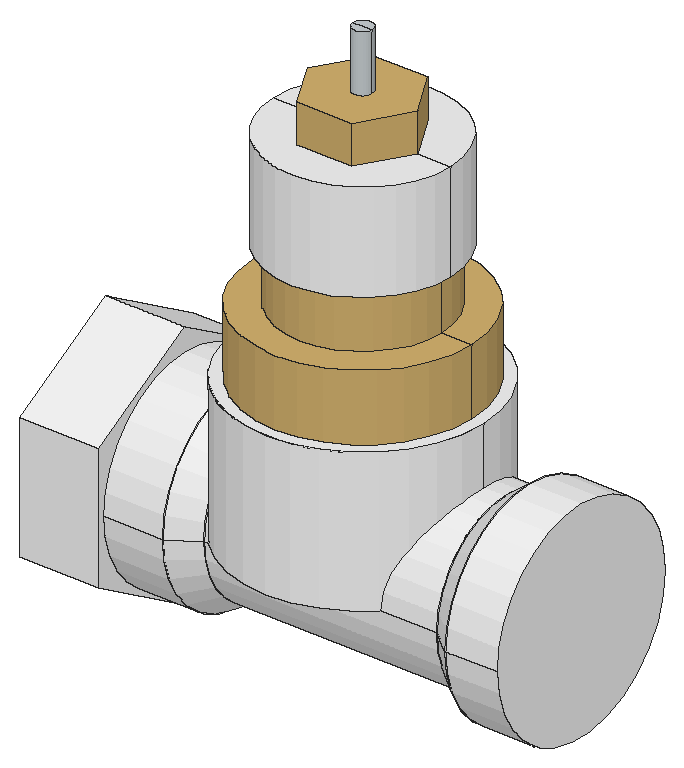
Revit family "RA-N(PURE)_Straight_DN10-20_S_RFA", category Pipe Accessories, Revit 2019
Family settings
  Round Connector Dimension = Use Diameter
  Part Type = Valve - Breaks Into
  OmniClass Number = 23.65.55.14.17
  OmniClass Title = Adjusting/Controlling Valves for Liquid Services
  Work Plane-Based = No
  Always vertical = Yes
  Cut with Voids When Loaded = No
  Shared = No
Parameters (values of type "RA-N PURE_Straight_DN10_Internal_S_015G0072")
  Special tailpiece = if(RV5 = 8.00 mm, 1 = 1, 1 = 0)  # no
  LL = 75.00 mm
  W1 = 12.75 mm
  W [instance] = 25.50 mm
  Tailpiece_350 = if(and(Tailpiece, LOD 350), 1 = 1, 1 = 0)  # no
  Tailpiece_200 = if(and(Tailpiece, LOD 200), 1 = 1, 1 = 0)  # no
  Tailpiece = if(RV6 > 1.00 mm, 1 = 1, 1 = 0)  # no
  Weight = 0.14 kg
  Without tailpiece = not(Tailpiece)  # yes
  Setting Range = "1-7,N"  # constant formula
  SL = L1 + L2  # 50.00 mm
  R_200_1 = 13.11 mm
  R_200 = 13.11 mm
  RV6 = 0.50 mm
  RV4 = 11.00 mm
  RV3 = 11.00 mm
  RV2 = 10.80 mm
  Pressure Drop [instance] = 0.0 bar
  Model Type = "RA-N PURE_Straight_DN10_Internal_S"
  Model = "015G0072,015G4022"
  Max Operating Pressure = "10 bar"  # constant formula
  Max Medium Temperature = "120 ˚C"  # constant formula
  Max Differential Pressure = "0.6 bar"  # constant formula
  length = 50.00 mm
  L4 = 5.50 mm
  Valve Body Material = Danfoss Brass (Nickel plated)
  RV5 = 8.30 mm
  LOD 350 = not(LOD 200)  # yes
  LOD 200 = no
  L7 = 15.00 mm
  L6 = 9.50 mm
  L5 = 2.91 mm
  L [instance] = 50.00 mm
  Kvs = 0.65 m³/h
  IfcExportType = "RA-N PURE"
  IfcExportAs = "IfcValveType"  # constant formula
  HT = HT1 + 33.00 mm  # 48.00 mm
  HT1 = if(D = 20.00 mm, 20.00 mm, 15.00 mm)  # 15.00 mm
  L3 = 8.30 mm
  URL = "https://store.danfoss.com/se/en/Climate-Solutions-for-heating/Radiator-Thermostats/Radiator-Valves/Build-on-valves/Presetting-valves/c/13866?q=%3Arelevance%3Adanfoss_producttypehierarchydesc%3ARA-N+PURE%3Adanfoss_a223339155%3AA223_3391558c5e50fab3748e9c53a6863b3dce1401%3Adanfoss_a2824460767%3AA2824_4607675dbc98dcc983a70728bd082d1a47546e%3Adanfoss_a50461501115_fts%3AA5046_150111582a2288245d249094b5396089516c12e&text="
  Manufacturer = "Danfoss"  # constant formula
  L2 = 23.00 mm
  L1 = 27.00 mm
  HB = 13.11 mm
  H [instance] = 61.11 mm
  Flow [instance] = 0.0 m³/h
  Description = "Thermostatic Radiator Valve"  # constant formula
  SD = R_200_1 * 2  # 26.22 mm
  DV1_1 = 18.00 mm
  DR = 10.00 mm
  DB1 = 25.50 mm
  DV1 = 18.00 mm
  L_nut thread2 = 12.85 mm
  L_nut thread1 = 11.35 mm
  D = 10.00 mm
  Connection = "Internal thread"  # constant formula
Types (10, lengths in mm): name | Special tailpiece | LL | W1 | W | Tailpiece_350 | Tailpiece | Weight | Without tailpiece | SL | R_200_1 | R_200 | RV6 | RV4 | RV3 | RV2 | Model Type | Model | length | L4 | RV5 | L7 | L6 | L5 | L | Kvs | IfcExportType | HT | HT1 | L3 | URL | L2 | L1 | HB | H | SD | DV1_1 | DR | DB1 | DV1 | L_nut thread2 | L_nut thread1 | D
  RA-N_Straight_DN10_Internal_Tailpiece_S_013G0052 | no | 75.00 | 12.85 | 25.70 | yes | yes | 0.21 kg | no | 57.00 | 14.84 | 13.11 | 5.00 | 10.00 | 10.00 | 10.80 | "RA-N_Straight_DN10_Internal_Tailpiece_S" | "013G0052" | 75.00 | 13.50 | 8.30 | 15.00 | 9.50 | 4.00 | 75.00 | 0.65 m³/h | "RA-N" | 48.00 | 15.00 | 8.30 | "https://store.danfoss.com/en/Climate-Solutions-for-heating/Radiator-Thermostats/Radiator-Valves/Build-on-valves/Presetting-valves/c/13866?q=%3Arelevance%3Adanfoss_producttypehierarchydesc%3ARA-N%3Adanfoss_a2824460767%3AA2824_4607675dbc98dcc983a70728bd082d1a47546e%3Adanfoss_a223339155%3AA223_3391558c5e50fab3748e9c53a6863b3dce1401%3Adanfoss_a50461501115_fts%3AA5046_150111582a2288245d249094b5396089516c12e&text=" | 30.00 | 27.00 | 14.84 | 62.84 | 29.68 | 18.00 | 10.00 | 25.50 | 18.00 | 12.85 | 11.35 | 10.00
  RA-N_Straight_DN15_Internal_Tailpiece_S_013G0054 | no | 87.30 | 15.00 | 30.00 | yes | yes | 0.25 kg | no | 65.30 | 17.32 | 15.42 | 5.00 | 13.00 | 12.00 | 12.50 | "RA-N_Straight_DN15_Internal_Tailpiece_S" | "013G0054" | 87.30 | 15.00 | 10.50 | 16.00 | 14.00 | 4.00 | 87.30 | 0.9 m³/h | "RA-N" | 48.00 | 15.00 | 9.00 | "https://store.danfoss.com/en/Climate-Solutions-for-heating/Radiator-Thermostats/Radiator-Valves/Build-on-valves/Presetting-valves/c/13866?q=%3Arelevance%3Adanfoss_producttypehierarchydesc%3ARA-N%3Adanfoss_a2824460767%3AA2824_4607675dbc98dcc983a70728bd082d1a47546e%3Adanfoss_a223339155%3AA223_3391558c5e50fab3748e9c53a6863b3dce1401%3Adanfoss_a50461501115_fts%3AA5046_150111582a2288245d249094b5396089516c12e&text=" | 33.30 | 32.00 | 17.32 | 65.32 | 34.64 | 21.00 | 15.00 | 25.50 | 21.00 | 15.00 | 13.35 | 15.00
  RA-N_Straight_DN20_Internal_Tailpiece_S_013G0056 | no | 101.80 | 19.00 | 38.00 | yes | yes | 0.43 kg | no | 76.30 | 21.939 | 19.46 | 5.00 | 17.00 | 15.80 | 15.60 | "RA-N_Straight_DN20_Internal_Tailpiece_S" | "013G0056" | 101.80 | 17.00 | 13.30 | 18.00 | 17.50 | 4.00 | 101.80 | 1.4 m³/h | "RA-N" | 53.00 | 20.00 | 10.20 | "https://store.danfoss.com/en/Climate-Solutions-for-heating/Radiator-Thermostats/Radiator-Valves/Build-on-valves/Presetting-valves/c/13866?q=%3Arelevance%3Adanfoss_producttypehierarchydesc%3ARA-N%3Adanfoss_a2824460767%3AA2824_4607675dbc98dcc983a70728bd082d1a47546e%3Adanfoss_a223339155%3AA223_3391558c5e50fab3748e9c53a6863b3dce1401%3Adanfoss_a50461501115_fts%3AA5046_150111582a2288245d249094b5396089516c12e&text=" | 39.30 | 37.00 | 21.94 | 74.94 | 43.879 | 25.00 | 20.00 | 29.00 | 25.00 | 19.00 | 16.85 | 20.00
  RA-N_Straight_DN10_Internal_S_013G0072 | no | 75.00 | 12.75 | 25.50 | no | no | 0.16 kg | yes | 50.00 | 13.11 | 13.11 | 0.50 | 11.00 | 11.00 | 10.80 | "RA-N_Straight_DN10_Internal_S" | "013G0072,013G4022" | 50.00 | 5.50 | 8.30 | 15.00 | 9.50 | 2.91 | 50.00 | 0.65 m³/h | "RA-N" | 48.00 | 15.00 | 8.30 | "https://store.danfoss.com/en/Climate-Solutions-for-heating/Radiator-Thermostats/Radiator-Valves/Build-on-valves/Presetting-valves/c/13866?q=%3Arelevance%3Adanfoss_producttypehierarchydesc%3ARA-N%3Adanfoss_a2824460767%3AA2824_4607675dbc98dcc983a70728bd082d1a47546e%3Adanfoss_a223339155%3AA223_3391558c5e50fab3748e9c53a6863b3dce1401%3Adanfoss_a50461501115_fts%3AA5046_150111582a2288245d249094b5396089516c12e&text=" | 23.00 | 27.00 | 13.11 | 61.11 | 26.22 | 18.00 | 10.00 | 25.50 | 18.00 | 12.85 | 11.35 | 10.00
  RA-N_Straight_DN15_Internal_S_013G0074 | no | 87.30 | 13.35 | 26.70 | no | no | 0.18 kg | yes | 58.00 | 15.42 | 15.42 | 0.50 | 13.00 | 13.00 | 12.50 | "RA-N_Straight_DN15_Internal_S" | "013G0074" | 58.00 | 6.50 | 10.50 | 16.00 | 14.00 | 4.00 | 58.00 | 0.9 m³/h | "RA-N" | 48.00 | 15.00 | 9.00 | "https://store.danfoss.com/en/Climate-Solutions-for-heating/Radiator-Thermostats/Radiator-Valves/Build-on-valves/Presetting-valves/c/13866?q=%3Arelevance%3Adanfoss_producttypehierarchydesc%3ARA-N%3Adanfoss_a2824460767%3AA2824_4607675dbc98dcc983a70728bd082d1a47546e%3Adanfoss_a223339155%3AA223_3391558c5e50fab3748e9c53a6863b3dce1401%3Adanfoss_a50461501115_fts%3AA5046_150111582a2288245d249094b5396089516c12e&text=" | 26.00 | 32.00 | 15.42 | 63.42 | 30.84 | 21.00 | 15.00 | 25.50 | 21.00 | 15.00 | 13.35 | 15.00
  RA-N_Straight_DN20_Internal_S_013G0076 | no | 101.80 | 16.85 | 33.70 | no | no | 0.28 kg | yes | 68.00 | 19.46 | 19.46 | 0.50 | 17.00 | 17.00 | 15.60 | "RA-N_Straight_DN20_Internal_S" | "013G0076" | 68.00 | 7.50 | 13.30 | 19.00 | 17.50 | 4.00 | 68.00 | 1.4 m³/h | "RA-N" | 53.00 | 20.00 | 10.20 | "https://store.danfoss.com/en/Climate-Solutions-for-heating/Radiator-Thermostats/Radiator-Valves/Build-on-valves/Presetting-valves/c/13866?q=%3Arelevance%3Adanfoss_producttypehierarchydesc%3ARA-N%3Adanfoss_a2824460767%3AA2824_4607675dbc98dcc983a70728bd082d1a47546e%3Adanfoss_a223339155%3AA223_3391558c5e50fab3748e9c53a6863b3dce1401%3Adanfoss_a50461501115_fts%3AA5046_150111582a2288245d249094b5396089516c12e&text=" | 31.00 | 37.00 | 19.46 | 72.46 | 38.92 | 25.00 | 20.00 | 29.00 | 25.00 | 19.00 | 16.85 | 20.00
  RA-N PURE_Straight_DN10_Internal_S_015G0072 | no | 75.00 | 12.75 | 25.50 | no | no | 0.14 kg | yes | 50.00 | 13.11 | 13.11 | 0.50 | 11.00 | 11.00 | 10.80 | "RA-N PURE_Straight_DN10_Internal_S" | "015G0072,015G4022" | 50.00 | 5.50 | 8.30 | 15.00 | 9.50 | 2.91 | 50.00 | 0.65 m³/h | "RA-N PURE" | 48.00 | 15.00 | 8.30 | "https://store.danfoss.com/se/en/Climate-Solutions-for-heating/Radiator-Thermostats/Radiator-Valves/Build-on-valves/Presetting-valves/c/13866?q=%3Arelevance%3Adanfoss_producttypehierarchydesc%3ARA-N+PURE%3Adanfoss_a223339155%3AA223_3391558c5e50fab3748e9c53a6863b3dce1401%3Adanfoss_a2824460767%3AA2824_4607675dbc98dcc983a70728bd082d1a47546e%3Adanfoss_a50461501115_fts%3AA5046_150111582a2288245d249094b5396089516c12e&text=" | 23.00 | 27.00 | 13.11 | 61.11 | 26.22 | 18.00 | 10.00 | 25.50 | 18.00 | 12.85 | 11.35 | 10.00
  RA-N PURE_Straight_DN15_Internal_S_015G0074 | no | 87.30 | 13.35 | 26.70 | no | no | 0.17 kg | yes | 58.00 | 15.42 | 15.42 | 0.50 | 13.00 | 13.00 | 12.50 | "RA-N PURE_Straight_DN15_Internal_S" | "015G0074" | 58.00 | 6.50 | 10.50 | 16.00 | 14.00 | 4.00 | 58.00 | 0.9 m³/h | "RA-N PURE" | 48.00 | 15.00 | 9.00 | "https://store.danfoss.com/se/en/Climate-Solutions-for-heating/Radiator-Thermostats/Radiator-Valves/Build-on-valves/Presetting-valves/c/13866?q=%3Arelevance%3Adanfoss_producttypehierarchydesc%3ARA-N+PURE%3Adanfoss_a223339155%3AA223_3391558c5e50fab3748e9c53a6863b3dce1401%3Adanfoss_a2824460767%3AA2824_4607675dbc98dcc983a70728bd082d1a47546e%3Adanfoss_a50461501115_fts%3AA5046_150111582a2288245d249094b5396089516c12e&text=" | 26.00 | 32.00 | 15.42 | 63.42 | 30.84 | 21.00 | 15.00 | 25.50 | 21.00 | 15.00 | 13.35 | 15.00
  RA-N PURE_Straight_DN20_Internal_S_015G0076 | no | 101.80 | 16.85 | 33.70 | no | no | 0.26 kg | yes | 68.00 | 19.46 | 19.46 | 0.50 | 17.00 | 17.00 | 15.60 | "RA-N PURE_Straight_DN20_Internal_S" | "015G0076" | 68.00 | 7.50 | 13.30 | 19.00 | 17.50 | 4.00 | 68.00 | 1.4 m³/h | "RA-N PURE" | 53.00 | 20.00 | 10.20 | "https://store.danfoss.com/se/en/Climate-Solutions-for-heating/Radiator-Thermostats/Radiator-Valves/Build-on-valves/Presetting-valves/c/13866?q=%3Arelevance%3Adanfoss_producttypehierarchydesc%3ARA-N+PURE%3Adanfoss_a223339155%3AA223_3391558c5e50fab3748e9c53a6863b3dce1401%3Adanfoss_a2824460767%3AA2824_4607675dbc98dcc983a70728bd082d1a47546e%3Adanfoss_a50461501115_fts%3AA5046_150111582a2288245d249094b5396089516c12e&text=" | 31.00 | 37.00 | 19.46 | 72.46 | 38.92 | 25.00 | 20.00 | 29.00 | 25.00 | 19.00 | 16.85 | 20.00
  RA-N_Straight_DN10/15_Internal_Tailpiece_S_013G3322 | yes | 64.20 | 13.00 | 26.00 | yes | yes | 0.21 kg | no | 51.00 | 15.01 | 13.11 | 5.00 | 10.00 | 13.00 | 10.80 | "RA-N_Straight_DN10/15_Internal_Tailpiece_S" | "013G3322" | 76.20 | 7.40 | 8.00 | 15.08 | 9.50 | 4.00 | 76.20 | 0.65 m³/h | "RA-N" | 48.00 | 15.00 | 8.30 | "https://store.danfoss.com/en/Climate-Solutions-for-heating/Radiator-Thermostats/Radiator-Valves/Build-on-valves/Presetting-valves/c/13866?q=%3Arelevance%3Adanfoss_producttypehierarchydesc%3ARA-N%3Adanfoss_a2824460767%3AA2824_4607675dbc98dcc983a70728bd082d1a47546e%3Adanfoss_a223339155%3AA223_3391558c5e50fab3748e9c53a6863b3dce1401%3Adanfoss_a50461501115_fts%3AA5046_150111582a2288245d249094b5396089516c12e&text=" | 24.00 | 27.00 | 15.01 | 63.01 | 30.02 | 26.00 | 15.00 | 25.50 | 18.00 | 13.00 | 11.35 | 10.00
Reference planes
  plane 1 "Center (Front/Back)": y = 0
  plane 2 "XYPLANE": z = 6
  plane 3 "Center (Left/Right)": x = 0
  plane 4 "63": x = 0
  plane 5 "62": x = -27
  plane 6 "61": x = 23
  plane 7 "60": y = 0
  plane 8 "59": z = 0
  plane 9 "Y2": x = -18.7
  plane 10: z = 48
  plane 11: x = 48
  plane 12: x = 17.5
  plane 13: z = 15
  plane 14: x = 15
  plane 15: x = -9.5
  plane 16: x = -12.41
  plane 17 "LL": x = 23
  plane 18: z = -13.11
  plane 19: y = 12.75
  plane 20: y = -12.75
Forms (mm)
  Extrusion 1, solid, material "Danfoss Brass (Nickel plated)" <- "Valve Body Material", visible <- "LOD 350", detail levels fine
    sketch origin (-15, 0, 0) x (0, 0, 1) y (0, -1, 0)
      loop
        circle (0, 0) r 9
    from 5.5 to 30
  Extrusion 2, solid, material "Danfoss Brass (Nickel plated)" <- "Valve Body Material", visible <- "Tailpiece_350", detail levels fine
    sketch origin (23, -750, 0) x (0, 1, 0) y (0, 0, 1)
      loop
        line (750, 14.838) -> (737.15, 7.419) -> (737.15, -7.419) -> (750, -14.838) -> (762.85, -7.419) -> (762.85, 7.419) -> (750, 14.838)
    from 0 to -5.5
  Extrusion 3, solid, material "Danfoss Brass (Nickel plated)" <- "Valve Body Material", visible <- "LOD 350", detail levels fine
    sketch origin (-27, -750, 0) x (0, 1, 0) y (0, 0, 1)
      loop
        line (750, 13.106) -> (738.65, 6.553) -> (738.65, -6.553) -> (750, -13.106) -> (761.35, -6.553) -> (761.35, 6.553) -> (750, 13.106)
    from 0 to 8.3 <- "L3"
  Extrusion 4, solid, material "Danfoss Brass (Nickel plated)" <- "Valve Body Material", visible <- "LOD 350", detail levels fine
    sketch origin (23, -750, 0) x (0, 1, 0) y (0, 0, 1)
      loop
        circle (750, 0) r 10.8
    from -41.7 to -35.41
  Extrusion 5, solid, material "Danfoss Brass (Nickel plated)" <- "Valve Body Material", visible <- "LOD 200", detail levels fine
    sketch origin (23, -750, 0) x (0, 1, 0) y (0, 0, 1)
      loop
        circle (750, 0) r 9
    from -41.7 to -5.5
  Extrusion 6, solid, material "Danfoss Brass (Nickel plated)" <- "Valve Body Material", visible <- "Tailpiece", detail levels fine
    sketch origin (0, 0, 0) x (0, 1, 0) y (0, 0, 1)
      loop
        circle (0, 0) r 8.3
    from 23 to 48
  Extrusion 7, solid, material "Danfoss Brass (Nickel plated)" <- "Valve Body Material", detail levels fine
    sketch origin (0, 0, 0) x (1, 0, 0) y (0, 1, 0)
      loop
        circle (0, 0) r 12.75
    from 0 to 15
  Blend 8, solid, material "Danfoss Brass (Nickel plated)" <- "Valve Body Material", visible <- "LOD 350", detail levels fine
    base sketch origin (0, 0, 0) x (0, 1, 0) y (0, 0, 1)
      loop
        circle (0, 0) r 10.8
    top sketch origin (0, 0, 0) x (0, 1, 0) y (0, 0, 1)
      loop
        circle (0, 0) r 9
    from -12.41 to -9.5
  Blend 9, solid, material "Danfoss Brass (Nickel plated)" <- "Valve Body Material", visible <- "LOD 350", detail levels fine
    base sketch origin (0, 0, 0) x (0, 1, 0) y (0, 0, -1)
      loop
        circle (0, 0) r 11
    top sketch origin (0, 0, 0) x (0, 1, 0) y (0, 0, -1)
      loop
        circle (0, 0) r 9
    from -17.5 to -15
  Extrusion 10, solid, material "Danfoss Brass (Nickel plated)" <- "Valve Body Material", visible <- "Without tailpiece", detail levels fine
    sketch origin (-23, -750, 0) x (0, 1, 0) y (0, 0, -1)
      loop
        circle (750, 0) r 11
    from -46 to -40.5
  Extrusion 11, solid, material "Danfoss Brass (Nickel plated)" <- "Valve Body Material", visible <- "LOD 200", detail levels fine
    sketch origin (-27, -750, 0) x (0, 1, 0) y (0, 0, 1)
      loop
        circle (750, 0) r 13.11
    from 0 to 8.3
  Extrusion 12, solid, material "Danfoss Brass (Nickel plated)" <- "Valve Body Material", visible <- "Tailpiece_200", detail levels fine
    sketch origin (-27, -750, 0) x (0, 1, 0) y (0, 0, 1)
      loop
        circle (750, 0) r 13.11
    from 44.5 to 50
  Revolve 13, solid, material "Danfoss Brass (Nickel plated)" <- "Valve Body Material", visible <- "Special tailpiece", detail levels fine
    sketch origin (0, 0, 0) x (1, 0, 0) y (0, 0, 1)
      loop
        line (24, 0) -> (30.5, 0) -> (30.5, 11.624) -> (24, 13.006) -> (24, 0)
      loop
        line (49.2, 0) -> (49.2, 10.5) -> (37.2, 10.5) -> (37.2, 0) -> (49.2, 0)
      axis (24, 0) -> (49.2, 0)
    angle from 0 to 360
Lines and regions (mm)
  reference lines, not visible
    curve 1: circle (2, 2, 0) r 1 normal (0, 0, 1)
  reference lines, visible <- "LOD 350"
    curve 2: line (23, 0, 0) -> (23, 5.846, -3.375)
    curve 3: line (23, 0, 0) -> (23, 0, -6.75)
    curve 4: line (23, 0, 0) -> (23, -5.846, -3.375)
    curve 5: line (-27, 0, 0) -> (-27, -4.98, -2.875)
    curve 6: line (-27, 0, 0) -> (-27, 0, -5.75)
    curve 7: line (-27, 0, 0) -> (-27, 4.98, -2.875)
Dimensions and locks
  plane 1 "Center (Front/Back)" to curve 1 = 2.00 mm
  locked: plane 3 "Center (Left/Right)" to plane 4 "63"
  "L1": plane 3 "Center (Left/Right)" to plane 5 "62"
  "L2": plane 3 "Center (Left/Right)" to plane 6 "61"
  locked: plane 1 "Center (Front/Back)" to plane 7 "60"
  plane 8 "59" to plane 2 "XYPLANE" = 6.00 mm
  "L_nut thread2": curve 2 to Extrusion 2 sketch curve  (x2)
  "L_nut thread2": curve 3 to Extrusion 2 sketch curve  (x2)
  "L_nut thread2": curve 4 to Extrusion 2 sketch curve  (x2)
  "L_nut thread1": curve 5 to Extrusion 3 sketch curve  (x2)
  "L_nut thread1": curve 6 to Extrusion 3 sketch curve  (x2)
  "L_nut thread1": curve 7 to Extrusion 3 sketch curve  (x2)
  "HT": plane 10 to level
  "L3": plane 5 "62" to plane 9 "Y2"
  "L4": plane 12 to plane 6 "61"
  "HT1": plane 13 to level
  "L6": plane 3 "Center (Left/Right)" to plane 15
  "L7": plane 14 to plane 3 "Center (Left/Right)"
  "L5": plane 15 to plane 16
  "LL": plane 5 "62" to plane 11
  plane 6 "61" to plane 5 "62" = 50.00 mm
  plane 11 to plane 5 "62" = 75.00 mm
  plane 10 to plane 13 = 33.00 mm
  "length": plane 5 "62" to plane 17 "LL"
  "L": plane 5 "62" to plane 17 "LL"
  "HB": level to plane 18
  "H": plane 10 to plane 18
  "W1": plane 1 "Center (Front/Back)" to plane 19
  "W1": plane 20 to plane 1 "Center (Front/Back)"
  "W": plane 19 to plane 20
  Extrusion 3 to Extrusion 3 = 22.70 mm
  level to Extrusion 3 = 13.106 mm
  Extrusion 2 to Extrusion 2 = 25.70 mm
  level to Extrusion 2 = 14.838 mm
  Revolve 13 sketch curve to level = 10.50 mm
  Revolve 13 sketch curve to level = 13.006 mm
  Revolve 13 sketch curve to level = 11.624 mm
  Revolve 13 sketch curve to plane 3 "Center (Left/Right)" = 24.00 mm
  Revolve 13 sketch curve to plane 3 "Center (Left/Right)" = 37.20 mm
  Revolve 13 sketch curve to Revolve 13 sketch curve = 6.50 mm
  Revolve 13 sketch curve to Revolve 13 sketch curve = 12.00 mm
  "DV1": diameter of Extrusion 1 sketch curve
  "RV2": radius of Extrusion 4 sketch curve
  "DV1": diameter of Extrusion 5 sketch curve
  "RV5": radius of Extrusion 6 sketch curve
  "DB1": diameter of Extrusion 7 sketch curve
  "RV2": radius of Blend 8 sketch curve
  "DV1": diameter of Blend 8 sketch curve
  "RV3": radius of Blend 9 sketch curve
  "DV1_1": diameter of Blend 9 sketch curve
  "RV4": radius of Extrusion 10 sketch curve
  "R_200": radius of Extrusion 11 sketch curve
  "R_200_1": radius of Extrusion 12 sketch curve
  locked: curve 3 to curve 2 (angle 60.00°)
  locked: curve 4 to curve 3 (angle 60.00°)
  locked: curve 4 to curve 2 (angle 120.00°)
  locked: curve 6 to curve 5 (angle 60.00°)
  locked: curve 7 to curve 6 (angle 60.00°)
  locked: curve 7 to curve 5 (angle 120.00°)
  aligned and locked: Extrusion 1 sketch curve to plane 7 "60"
  aligned and locked: curve 4 to plane 7 "60"
  aligned and locked: plane 8 "59" to curve 4
  aligned and locked: curve 7 to plane 7 "60"
  aligned and locked: plane 8 "59" to curve 7
  aligned and locked: plane 1 "Center (Front/Back)" to Extrusion 4 sketch curve
  aligned and locked: level to Extrusion 4 sketch curve
  aligned and locked: plane 1 "Center (Front/Back)" to Extrusion 5 sketch curve
  aligned and locked: level to Extrusion 5 sketch curve
  aligned and locked: nested 1 to plane 7 "60"
  aligned and locked: plane 9 "Y2" to Extrusion 3
  aligned and locked: plane 1 "Center (Front/Back)" to Extrusion 6 sketch curve
  aligned and locked: level to Extrusion 6 sketch curve
  aligned and locked: Extrusion 2 to plane 12
  aligned and locked: plane 4 "63" to Extrusion 7 sketch curve
  aligned and locked: plane 7 "60" to Extrusion 7 sketch curve
  aligned and locked: plane 13 to Extrusion 7
  aligned and locked: Extrusion 6 to plane 6 "61"
  aligned and locked: Extrusion 6 to plane 11
  aligned and locked: Extrusion 1 to plane 15
  aligned and locked: plane 14 to Extrusion 1
  aligned and locked: Extrusion 4 to plane 9 "Y2"
  aligned and locked: plane 16 to Extrusion 4
  aligned and locked: plane 1 "Center (Front/Back)" to Blend 8 sketch curve  (x2)
  aligned and locked: level to Blend 8 sketch curve  (x2)
  aligned and locked: Blend 8 to plane 16
  aligned and locked: plane 15 to Blend 8
  aligned and locked: plane 14 to Blend 9
  aligned and locked: plane 12 to Blend 9
  aligned and locked: plane 1 "Center (Front/Back)" to Blend 9 sketch curve  (x2)
  aligned and locked: level to Blend 9 sketch curve  (x2)
  aligned and locked: Extrusion 10 to plane 6 "61"
  aligned and locked: Extrusion 10 to plane 12
  aligned and locked: Extrusion 5 to plane 9 "Y2"
  aligned and locked: plane 12 to Extrusion 5
  aligned and locked: plane 1 "Center (Front/Back)" to Extrusion 11 sketch curve
  aligned and locked: level to Extrusion 11 sketch curve
  aligned and locked: Extrusion 11 to Extrusion 3
  aligned and locked: Extrusion 11 to plane 5 "62"
  aligned and locked: level to Extrusion 12 sketch curve
  aligned and locked: plane 1 "Center (Front/Back)" to Extrusion 12 sketch curve
  aligned and locked: Extrusion 2 to Extrusion 12
  aligned and locked: Extrusion 12 to plane 6 "61"
  aligned and locked: nested 1 to plane 5 "62"
  aligned and locked: plane 7 "60" to nested 1
  aligned and locked: plane 3 "Center (Left/Right)" to nested 2
  aligned and locked: plane 13 to nested 2
  aligned and locked: plane 1 "Center (Front/Back)" to nested 2
  aligned and locked: plane 10 to nested 1
  aligned and locked: Revolve 13 sketch curve to level  (x3)
Automatic sketch dimensions
  plane 3 "Center (Left/Right)" to curve 1 = 2.00 mm
  Revolve 13 sketch curve to plane 5 "62" = 1324.99 mm
  plane 11 to Revolve 13 sketch curve = 1825.783 mm
  Extrusion 1 sketch curve to level = 0.00 mm
  Extrusion 6 sketch curve to level = 0.00 mm
  Extrusion 10 sketch curve to level = 0.00 mm
  Extrusion 10 sketch curve to plane 1 "Center (Front/Back)" = 0.00 mm
  radius of curve 1 = 1.00 mm
Nested families
  nested 1: "Schematic_TRV_Straight" at (-2, 0, 0), type "Schematic_TRV_Straight", detail levels coarse+medium
  nested 2: "connection neck" at (0, 0, 15), LOD 200 <- "LOD 200", type "connection", detail levels fine
    with LOD 350 yes, LOD 200 no, DN20(350) no, DN10-15(350) yes
Connectors
  piping at (23, 0, 0), diameter 10, driven by "DR", driven by "Flow"
    settings: on Extrusion 10, index 1, connector inside diameter 609.6 mm, connector length 0.00 mm, flow factor 0, pipe flow 0.0 m³/h, pressure drop 0.0 bar, fitting loss kfactor 0, connector angle 0.00°, fixture units 0, engagement length 0.00 mm, angle of deflection 0.00°, flow configuration 0, flow direction 2, fitting loss method 0, system type 29, joint type 0, gender type 0, connector reference index 2, connector utility 0, adjustable connector no, is connector primary no, connector description ""
  piping at (-27, 0, 0), diameter 10, driven by "D", driven by "Flow"
    settings: on Extrusion 3, index 2, connector inside diameter 609.6 mm, connector length 0.00 mm, flow factor 0, pipe flow 0.0 m³/h, pressure drop 0.0 bar, fitting loss kfactor 0, connector angle 0.00°, fixture units 0, engagement length 0.00 mm, angle of deflection 0.00°, flow configuration 0, flow direction 1, fitting loss method 0, system type 29, joint type 0, gender type 0, connector reference index 1, connector utility 0, adjustable connector no, is connector primary yes, connector description ""
Definition of nested family "connection neck"
  Parameters (values of type "connection")
    Model = ""
    Valve Body Material = none
    LOD 350 [instance] = not(LOD 200)  # yes
    LOD 200 [instance] = no
    IfcExportType = "Connection neck"  # constant formula
    IfcExportAs = "IfcValveType"  # constant formula
    URL = "https://store.danfoss.com/en/Climate-Solutions-for-heating/Radiator-Thermostats/Radiator-Valves/Build-on-valves/Presetting-valves/c/13866?q=%3Arelevance%3Adanfoss_producttypehierarchydesc%3ARA-N&text="
    Manufacturer = "Danfoss"  # constant formula
    HT1 = if(D = 20.00 mm, 12.55 mm, 12.65 mm)  # 12.65 mm
    HT = 33.00 mm  # constant formula
    H [instance] = 33.00 mm
    Description = "Thermostatic Radiator Valve"  # constant formula
    DN20(350) [instance] = and((LOD 350), D = 20.00 mm)  # no
    DN10-15(350) [instance] = and((LOD 350), D < 20.00 mm)  # yes
    D = 15.00 mm
  Reference planes
    plane 1 "Center (Front/Back)": y = 0
    plane 2 "XYPLANE": z = 6
    plane 3 "Center (Left/Right)": x = 0
    plane 4 "67": z = 27.03
    plane 5 "66": z = 7
    plane 6 "63": x = 0
    plane 7 "60": y = 0
    plane 8 "59": z = 0
    plane 9: z = 33
    plane 10: z = 12.65
    plane 11: z = 0
    plane 12 "HT1": z = 12.65
    plane 13: z = 6.1
    plane 14: z = 23.03
  Forms (mm)
    Revolve 1, solid, detail levels fine
      sketch origin (0, 0, 0) x (1, 0, 0) y (0, 0, 1)
        loop
          line (0, 33) -> (0, 27.03) -> (1, 27.03) -> (1, 33) -> (0, 33)
        axis (0, 27.03) -> (0, 33)
      angle from 0 to 360
    Revolve 2, solid, visible <- "DN10-15(350)", detail levels fine
      sketch origin (0, 0, 0) x (1, 0, 0) y (0, 0, 1)
        loop
          line (0, 0) -> (11.5, 0) -> (11.5, 7) -> (8.3, 7) -> (8.3, 12.65) -> (0, 12.65) -> (0, 0)
        axis (0, 12.65) -> (0, 0)
      angle from 0 to 360
    Revolve 3, solid, material <- "Valve Body Material", detail levels fine
      sketch origin (0, 0, 0) x (1, 0, 0) y (0, 0, 1)
        loop
          line (0, 23.03) -> (0, 12.65) -> (9.3, 12.65) -> (9.3, 23.03) -> (0, 23.03)
        axis (0, 12.65) -> (0, 23.03)
      angle from 0 to 360
    Revolve 4, solid, visible <- "LOD 200", detail levels fine
      sketch origin (0, 0, 0) x (1, 0, 0) y (0, 0, 1)
        loop
          line (0, 0) -> (11.5, 0) -> (11.5, 12.65) -> (0, 12.65) -> (0, 0)
        axis (0, 0) -> (0, 12.65)
      angle from 0 to 360
    Extrusion 5, solid, visible <- "LOD 350", detail levels fine
      sketch origin (0, 0, 0) x (1, 0, 0) y (0, 1, 0)
        loop
          line (-2.887, 5) -> (-5.774, 0) -> (-2.887, -5) -> (2.887, -5) -> (5.774, 0) -> (2.887, 5) -> (-2.887, 5)
      from 23.03 to 27.03
    Revolve 6, solid, visible <- "LOD 200", detail levels fine
      sketch origin (0, 0, 0) x (1, 0, 0) y (0, 0, 1)
        loop
          line (0, 27.03) -> (0, 23.03) -> (5.774, 23.03) -> (5.774, 27.03) -> (0, 27.03)
        axis (0, 27.03) -> (0, 23.03)
      angle from 0 to 360
    Revolve 7, solid, visible <- "DN20(350)", detail levels fine
      sketch origin (0, 0, 0) x (1, 0, 0) y (0, 0, 1)
        loop
          line (0, 0) -> (11.5, 0) -> (11.5, 6.1) -> (8.3, 6.1) -> (8.3, 12.65) -> (0, 12.65) -> (0, 0)
        axis (0, 12.65) -> (0, 0)
      angle from 0 to 360
  Lines and regions (mm)
    reference lines, not visible
      curve 1: circle (2, 2, 0) r 1 normal (0, 0, 1)
    reference lines, visible <- "LOD 350"
      curve 2: line (32, 0, 0) -> (32, 5.846, -3.375)
      curve 3: line (32, 0, 0) -> (32, 0, -6.75)
      curve 4: line (32, 0, 0) -> (32, -5.846, -3.375)
      curve 5: line (-29, 0, 0) -> (-29, -4.98, -2.875)
      curve 6: line (-29, 0, 0) -> (-29, 0, -5.75)
      curve 7: line (-29, 0, 0) -> (-29, 4.98, -2.875)
  Dimensions and locks
    plane 1 "Center (Front/Back)" to curve 1 = 2.00 mm
    locked: plane 3 "Center (Left/Right)" to plane 6 "63"
    locked: plane 1 "Center (Front/Back)" to plane 7 "60"
    plane 8 "59" to plane 2 "XYPLANE" = 6.00 mm
    "HT": plane 9 to level
    Revolve 3 sketch curve to Revolve 3 sketch curve = 9.30 mm
    Revolve 2 sketch curve to plane 3 "Center (Left/Right)" = 11.50 mm
    Revolve 2 sketch curve to plane 3 "Center (Left/Right)" = 8.30 mm
    Revolve 4 sketch curve to Revolve 4 sketch curve = 11.50 mm
    Extrusion 5 sketch curve to Extrusion 5 sketch curve = 10.00 mm  (x3)
    equal spacing: Extrusion 5 sketch curve, plane 1 "Center (Front/Back)", Extrusion 5 sketch curve
    equal spacing: Extrusion 5 sketch curve, plane 3 "Center (Left/Right)", Extrusion 5 sketch curve  (x2)
    Revolve 6 sketch curve to Revolve 6 sketch curve = 5.774 mm
    "H": plane 9 to plane 11
    Revolve 1 sketch curve to Revolve 1 sketch curve = 1.00 mm
    locked: level to plane 11
    Revolve 7 sketch curve to plane 3 "Center (Left/Right)" = 8.30 mm
    Revolve 7 sketch curve to plane 3 "Center (Left/Right)" = 11.50 mm
    plane 10 to plane 5 "66" = 5.65 mm
    "HT1": plane 12 "HT1" to level
    locked: plane 13 to level at 6.1
    plane 12 "HT1" to plane 13 = 6.55 mm
    locked: plane 14 to plane 12 "HT1" at 10.38
    locked: plane 4 "67" to plane 14 at 4
    locked: plane 5 "66" to level at 7
    locked: curve 3 to curve 2 (angle 60.00°)
    locked: curve 4 to curve 3 (angle 60.00°)
    locked: curve 4 to curve 2 (angle 120.00°)
    locked: curve 6 to curve 5 (angle 60.00°)
    locked: curve 7 to curve 6 (angle 60.00°)
    locked: curve 7 to curve 5 (angle 120.00°)
    aligned and locked: curve 4 to plane 7 "60"
    aligned and locked: plane 8 "59" to curve 4
    aligned and locked: curve 7 to plane 7 "60"
    aligned and locked: plane 8 "59" to curve 7
    aligned and locked: Revolve 1 sketch curve to plane 6 "63"
    aligned and locked: Revolve 1 sketch curve to plane 9
    aligned and locked: plane 6 "63" to Revolve 1 sketch curve
    aligned and locked: Revolve 2 sketch curve to plane 5 "66"
    aligned and locked: Revolve 2 sketch curve to plane 3 "Center (Left/Right)"
    aligned and locked: Revolve 2 sketch curve to Revolve 2 sketch curve
    aligned and locked: Revolve 3 sketch curve to plane 6 "63"
    aligned and locked: plane 6 "63" to Revolve 3 sketch curve
    aligned and locked: Revolve 4 sketch curve to plane 6 "63"
    aligned and locked: plane 2 "XYPLANE" to Revolve 4 sketch curve
    aligned and locked: plane 6 "63" to Revolve 4 sketch curve
    aligned and locked: Revolve 1 sketch curve to plane 4 "67"
    aligned and locked: plane 4 "67" to Revolve 1 sketch curve
    aligned and locked: Revolve 2 sketch curve to plane 11
    aligned and locked: plane 11 to Revolve 2 sketch curve
    aligned and locked: plane 4 "67" to Extrusion 5
    aligned and locked: plane 10 to Revolve 4
    aligned and locked: Revolve 6 sketch curve to plane 6 "63"  (x2)
    aligned and locked: Revolve 6 sketch curve to plane 4 "67"
    aligned and locked: Revolve 6 sketch curve to Revolve 1
    aligned and locked: Revolve 6 sketch curve to Revolve 6 sketch curve
    aligned and locked: Revolve 7 sketch curve to level
    aligned and locked: Revolve 7 sketch curve to plane 3 "Center (Left/Right)"  (x2)
    aligned and locked: Revolve 4 sketch curve to plane 12 "HT1"
    aligned and locked: Revolve 3 sketch curve to plane 12 "HT1"
    aligned and locked: Revolve 2 sketch curve to plane 12 "HT1"
    aligned and locked: Revolve 7 sketch curve to plane 12 "HT1"
    aligned and locked: Revolve 7 sketch curve to plane 13
    aligned and locked: Revolve 3 sketch curve to plane 14
    aligned and locked: Extrusion 5 to plane 14
  Automatic sketch dimensions
    plane 3 "Center (Left/Right)" to curve 1 = 2.00 mm
    plane 9 to Revolve 1 sketch curve = 0.838 mm
    Revolve 3 sketch curve to plane 3 "Center (Left/Right)" = 0.00 mm
    plane 5 "66" to Revolve 3 sketch curve = 2.50 mm
    Revolve 3 sketch curve to plane 9 = 1.691 mm
    Revolve 4 sketch curve to plane 11 = 0.00 mm
    Revolve 4 sketch curve to plane 9 = 0.30 mm
    plane 1 "Center (Front/Back)" to Extrusion 5 sketch curve = 0.00 mm
    Extrusion 5 sketch curve to Extrusion 5 sketch curve = 2.887 mm
    Revolve 7 sketch curve to Revolve 7 sketch curve = 0.00 mm
    Revolve 7 sketch curve to Revolve 7 sketch curve = 11.48 mm
    Revolve 2 sketch curve to plane 4 "67" = 3.00 mm
    Revolve 6 sketch curve to plane 4 "67" = 4.00 mm
    radius of curve 1 = 1.00 mm
Definition of nested family "Schematic_TRV_Straight"
  Parameters (values of type "Schematic_TRV_Straight")
    L = 74.30 mm
    LT = 4 / 5 * D  # 33.808 mm
    HT = 50.50 mm
    D = 42.26 mm
  Reference planes
    plane 1 "Center (Front/Back)": y = 0
    plane 2: z = 0
    plane 3 "Center (Left/Right)": x = 0
    plane 4: x = 37.15
    plane 5: y = 21.13
    plane 6: y = -21.13
    plane 7: z = 21.13
    plane 8: z = -21.13
    plane 9: z = 50.5
    plane 10: x = -16.904
    plane 11: x = 16.904
    plane 12: x = -37.15
    plane 13: y = 50.5
  Lines and regions (mm)
    model lines
      curve 1: line (0, 0, 0) -> (37.15, 0, 21.13)
      curve 2: line (37.15, 0, 21.13) -> (37.15, 0, -21.13)
      curve 3: line (37.15, 0, -21.13) -> (0, 0, 0)
      curve 4: line (0, 0, 0) -> (0, 0, 50.5)
      curve 5: line (-16.904, 0, 50.5) -> (16.904, 0, 50.5)
      curve 6: line (0, 0, 0) -> (-37.15, 0, 21.13)
      curve 7: line (-37.15, 0, 21.13) -> (-37.15, 0, -21.13)
      curve 8: line (-37.15, 0, -21.13) -> (0, 0, 0)
    symbolic lines
      curve 9: line (37.15, 21.13, 0) -> (37.15, -21.13, 0)
      curve 10: line (16.904, 50.5, 0) -> (-16.904, 50.5, 0)
      curve 11: line (0, 50.5, 0) -> (0, 0, 0)
      curve 12: line (0, 0, 0) -> (37.15, 21.13, 0)
      curve 13: line (37.15, -21.13, 0) -> (0, 0, 0)
      curve 14: line (-37.15, 21.13, 0) -> (-37.15, -21.13, 0)
      curve 15: line (0, 0, 0) -> (-37.15, 21.13, 0)
      curve 16: line (-37.15, -21.13, 0) -> (0, 0, 0)
  Dimensions and locks
    equal spacing: plane 6, plane 1 "Center (Front/Back)", plane 5
    equal spacing: plane 7, level, plane 8
    "D": plane 7 to plane 8
    "L": plane 4 to plane 12
    equal spacing: plane 4, plane 3 "Center (Left/Right)", plane 12
    "LT": plane 11 to plane 10
    equal spacing: plane 11, plane 3 "Center (Left/Right)", plane 10
    "D": plane 6 to plane 5
    "HT": plane 9 to level
    "HT": plane 1 "Center (Front/Back)" to plane 13
    equal spacing: plane 10, plane 3 "Center (Left/Right)", plane 11
    aligned and locked: level to plane 2
    aligned and locked: curve 2 to plane 4
    aligned and locked: plane 3 "Center (Left/Right)" to curve 4
    aligned and locked: curve 5 to plane 9
    aligned and locked: curve 7 to plane 12
    aligned and locked: plane 13 to curve 10
  Automatic sketch dimensions
    curve 8 to plane 8 = 0.00 mm
    curve 2 to plane 8 = 0.00 mm
    curve 1 to level = 0.00 mm
    curve 2 to plane 7 = 0.00 mm
    curve 7 to plane 7 = 0.00 mm
    curve 5 to plane 10 = 0.00 mm
    curve 5 to plane 11 = 0.00 mm
    plane 6 to curve 16 = 0.00 mm
    curve 16 to plane 12 = 0.00 mm
    plane 1 "Center (Front/Back)" to curve 11 = 0.00 mm
    curve 11 to plane 3 "Center (Left/Right)" = 0.00 mm
    curve 12 to plane 4 = 0.00 mm
    plane 6 to curve 9 = 0.00 mm
    plane 5 to curve 9 = 0.00 mm
    plane 5 to curve 14 = 0.00 mm
    curve 10 to plane 10 = 0.00 mm
    curve 10 to plane 11 = 0.00 mm
